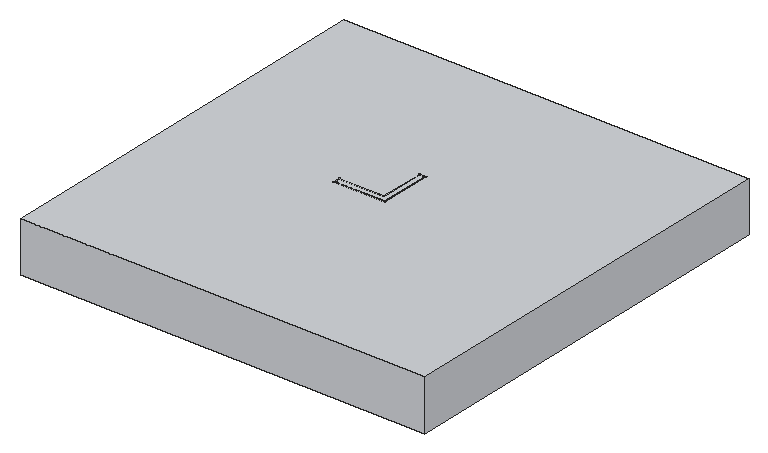
Revit family "LAMP_FIL 35 CORNER OPAL RECESSED HC", category Luminarias, Revit 2018
Family settings
  Anfitrión = Cara
  Cota de conector redondo = Diámetro de uso
  Tipo de pieza = Normal
  Corte con vacíos al cargar = No
  Origen de luz = Sí
  Compartido = No
  Punto de cálculo de habitación = No
Parameters (values of type "577LM 3000K  BLACK")
  Ángulo de inclinación = -90.00°
  Weight = 1.23 kg
  Wattage = 2.93 W
  Type = "MID POWER TRIDONIC"
  built-in parameter 1150107 = 3000 (stored number, unit not read)
  Second light = LAMP_FIL 35 CORNER OPAL SURFACE HC_SECOND : 3000K
  Recessed dimensions = "319x319x42"
  NOT COVER 2 [instance] = not(END COVER 2)  # no
  NOT COVER 1 [instance] = not(END COVER 1)  # no
  END COVER 2 [instance] = yes
  END COVER 1 [instance] = yes
  Suspension distance [instance] = if(Suspension > 4000 mm, 4000 mm, if(Suspension < 1 mm, 1 mm, Suspension))  # 200 mm
  Suspension [instance] = 200 mm
  built-in parameter 1150110 = 1 (stored number, unit not read)
  built-in parameter 1150109 = 1 (stored number, unit not read)
  built-in parameter 1150112 = 1 (stored number, unit not read)
  built-in parameter 1150113 = 1 (stored number, unit not read)
  built-in parameter 1114218 = 1 (stored number, unit not read)
  Protection rating = "IP20 / IK07"
  Product datasheet = "http://www.lamp.es/product-files/TECH/F31REHCLOOP830NB-EN.pdf"
  Product code = "F31REHCLOOP830NB"
  Product URL = "https://www.lamp.es/en/family/fil-35_413911"
  Power Supply = "220-240V 50/60Hz"
  Power = 5 W
  Plum = 6.1 W
  Photobiological risk = ""
  built-in parameter 1150137 = (empty or 0)
  built-in parameter 1150132 = 2
  Modelo = Product code  # "F31REHCLOOP830NB"
  Model Explanation = ""
  Material suspension = LAMP_Acero genérico
  Material perfil = LAMP_Aluminio Perfil Fil NG
  Material difusor = LAMP_PC Difusor Opal Fil
  Manufacturer name = "LAMP"
  Manufacturer country = "Spain"
  Manufacturer URL = "http://www.lamp.es/en"
  MacAdam = "3"
  Last update = "24/05/2021"
  Lamp = "MID-POWER LED"
  LED Lifetime = "60.000 L80 B10"
  built-in parameter 1150105 = 119.95 (stored number, unit not read)
  built-in parameter 1150102 = (empty or 0)
  Insulation class = "I"
  Installation instructions = "https://www.lamp.es/product-files/INS/1004590-A%20INSTR.%20FIL35.pdf"
  built-in parameter 1150106 = 1.1995 (stored number, unit not read)
  IEE = "A+"
  Gear = "Electronic"
  Lumens = 303.548 lm
  Finish = "Matte black RAL 9011"
  Color Filter = 16777215
  built-in parameter 1114217 = 1 (stored number, unit not read)
  built-in parameter 1150139 = (empty or 0)
  Fabricante = Manufacturer name  # "LAMP"
  Default Elevation = 1219.2 mm
  built-in parameter 1150104 = 9.6248 (stored number, unit not read)
  Efficacy = 94.6 lm/W
  Dimensions = "313x313x35"
  Descripción = "FIL35 HORIZ. CORNER REC 800 WW OPAL BK."
  built-in parameter 1150115 = 1 (stored number, unit not read)
  built-in parameter 1150114 = 1 (stored number, unit not read)
  built-in parameter 1150138 = (empty or 0)
  built-in parameter 1150134 = 3
  Dimming Lamp Color Temperature Shift = (empty or 0)
  CRI = "80"
  Archivo de red fotométrica = "F31SF084LOOP830NB.IES"
  built-in parameter 1150133 = 10 (stored number, unit not read)
Types (12, lengths in mm): name | built-in parameter 1150107 | Second light | Product datasheet | Product code | Modelo | Material perfil | Finish | Descripción
  577LM 3000K DALI BLACK | 3000 (stored number, unit not read) | LAMP_FIL 35 CORNER OPAL SURFACE HC_SECOND : 3000K | "http://www.lamp.es/product-files/TECH/F31REHCLOOP830DB-EN.pdf" | "F31REHCLOOP830DB" | "F31REHCLOOP830DB" | LAMP_Aluminio Perfil Fil NG | "Matte black RAL 9011" | "FIL35 HORIZ. CORNER REC 800 WW OPAL DA B"
  577LM 3000K DALI GREY | 3000 (stored number, unit not read) | LAMP_FIL 35 CORNER OPAL SURFACE HC_SECOND : 3000K | "http://www.lamp.es/product-files/TECH/F31REHCLOOP830DG-EN.pdf" | "F31REHCLOOP830DG" | "F31REHCLOOP830DG" | LAMP_Aluminio Perfil Fil GR | "Gloss grey" | "FIL35 HORIZ. CORNER REC 800 WW OPAL DA G"
  577LM 3000K DALI WHITE | 3000 (stored number, unit not read) | LAMP_FIL 35 CORNER OPAL SURFACE HC_SECOND : 3000K | "http://www.lamp.es/product-files/TECH/F31REHCLOOP830DW-EN.pdf" | "F31REHCLOOP830DW" | "F31REHCLOOP830DW" | LAMP_Aluminio Perfil Fil BL | "Matte white RAL 9010" | "FIL35 HORIZ. CORNER REC 800 WW OPAL DA W"
  577LM 3000K  BLACK | 3000 (stored number, unit not read) | LAMP_FIL 35 CORNER OPAL SURFACE HC_SECOND : 3000K | "http://www.lamp.es/product-files/TECH/F31REHCLOOP830NB-EN.pdf" | "F31REHCLOOP830NB" | "F31REHCLOOP830NB" | LAMP_Aluminio Perfil Fil NG | "Matte black RAL 9011" | "FIL35 HORIZ. CORNER REC 800 WW OPAL BK."
  577LM 3000K  GREY | 3000 (stored number, unit not read) | LAMP_FIL 35 CORNER OPAL SURFACE HC_SECOND : 3000K | "http://www.lamp.es/product-files/TECH/F31REHCLOOP830NG-EN.pdf" | "F31REHCLOOP830NG" | "F31REHCLOOP830NG" | LAMP_Aluminio Perfil Fil GR | "Gloss grey" | "FIL35 HORIZ. CORNER REC 800 WW OPAL GR."
  577LM 3000K  WHITE | 3000 (stored number, unit not read) | LAMP_FIL 35 CORNER OPAL SURFACE HC_SECOND : 3000K | "http://www.lamp.es/product-files/TECH/F31REHCLOOP830NW-EN.pdf" | "F31REHCLOOP830NW" | "F31REHCLOOP830NW" | LAMP_Aluminio Perfil Fil BL | "Matte white RAL 9010" | "FIL35 HORIZ. CORNER REC 800 WW OPAL WH."
  577LM 4000K DALI BLACK | 4000 (stored number, unit not read) | LAMP_FIL 35 CORNER OPAL SURFACE HC_SECOND : 4000K | "http://www.lamp.es/product-files/TECH/F31REHCLOOP840DB-EN.pdf" | "F31REHCLOOP840DB" | "F31REHCLOOP840DB" | LAMP_Aluminio Perfil Fil NG | "Matte black RAL 9011" | "FIL35 HORIZ. CORNER REC 800 NW OPAL DA B"
  577LM 4000K DALI GREY | 4000 (stored number, unit not read) | LAMP_FIL 35 CORNER OPAL SURFACE HC_SECOND : 4000K | "http://www.lamp.es/product-files/TECH/F31REHCLOOP840DG-EN.pdf" | "F31REHCLOOP840DG" | "F31REHCLOOP840DG" | LAMP_Aluminio Perfil Fil GR | "Gloss grey" | "FIL35 HORIZ. CORNER REC 800 NW OPAL DA G"
  577LM 4000K DALI WHITE | 4000 (stored number, unit not read) | LAMP_FIL 35 CORNER OPAL SURFACE HC_SECOND : 4000K | "http://www.lamp.es/product-files/TECH/F31REHCLOOP840DW-EN.pdf" | "F31REHCLOOP840DW" | "F31REHCLOOP840DW" | LAMP_Aluminio Perfil Fil BL | "Matte white RAL 9010" | "FIL35 HORIZ. CORNER REC 800 NW OPAL DA W"
  577LM 4000K  BLACK | 4000 (stored number, unit not read) | LAMP_FIL 35 CORNER OPAL SURFACE HC_SECOND : 4000K | "http://www.lamp.es/product-files/TECH/F31REHCLOOP840NB-EN.pdf" | "F31REHCLOOP840NB" | "F31REHCLOOP840NB" | LAMP_Aluminio Perfil Fil NG | "Matte black RAL 9011" | "FIL35 HORIZ. CORNER REC 800 NW OPAL BK."
  577LM 4000K  GREY | 4000 (stored number, unit not read) | LAMP_FIL 35 CORNER OPAL SURFACE HC_SECOND : 4000K | "http://www.lamp.es/product-files/TECH/F31REHCLOOP840NG-EN.pdf" | "F31REHCLOOP840NG" | "F31REHCLOOP840NG" | LAMP_Aluminio Perfil Fil GR | "Gloss grey" | "FIL35 HORIZ. CORNER REC 800 NW OPAL GR."
  577LM 4000K  WHITE | 4000 (stored number, unit not read) | LAMP_FIL 35 CORNER OPAL SURFACE HC_SECOND : 4000K | "http://www.lamp.es/product-files/TECH/F31REHCLOOP840NW-EN.pdf" | "F31REHCLOOP840NW" | "F31REHCLOOP840NW" | LAMP_Aluminio Perfil Fil BL | "Matte white RAL 9010" | "FIL35 HORIZ. CORNER REC 800 NW OPAL WH."
Reference planes
  plane 1 "Centro (Frontal/Posterior)": y = 0
  plane 2: z = 0
  plane 3 "Centro (Izquierda/Derecha)": x = 0
Forms (mm)
  Extrusion 1, solid
    sketch origin (0, 0, 0) x (1, 0, 0) y (0, 1, 0)
      loop
        line (-1219.2, 1219.2) -> (-1219.2, -1219.2) -> (1219.2, -1219.2) -> (1219.2, 1219.2) -> (-1219.2, 1219.2)
    from 0 to -304.8
  Sweep 2, solid, material "LAMP_PC Difusor Opal Fil" <- "Material difusor"
    path origin (-803.25, 0, 0) x (1, 0, 0) y (0, 1, 0)
      loop
        line (517.75, 0) -> (803.25, 0) -> (803.25, 285.5)
    profile origin (-142.75, 0, 0) x (0, 1, 0) y (0, 0, 1)
      loop
        line (-16.5, -2.5) -> (0, -2.5) -> (16.5, -2.5) -> (16.5, 0) -> (0, 0) -> (-16.5, 0) -> (-16.5, -2.5)
  Sweep 3, solid, material "LAMP_Aluminio Perfil Fil NG" <- "Material perfil"
    path origin (0, 0, 0) x (1, 0, 0) y (0, 1, 0)
      loop
        line (-285.5, 0) -> (0, 0) -> (0, 285.5)
    profile origin (-142.75, 0, 0) x (0, 1, 0) y (0, 0, 1)
      loop
        line (-17.5, -1.2) -> (-17.5, -76) -> (0, -76) -> (17.5, -76) -> (17.5, -1.2) -> (22.5, -1.2) -> (22.5, 0) -> (16.5, 0) -> (16.5, -24) -> (0, -24) -> (-16.5, -24) -> (-16.5, 0) -> (-22.5, 0) -> (-22.5, -1.2) -> (-17.5, -1.2)
Text (mm)
  text "Any modification of the parameters and properties of the LAMP BIM models must be executed and validated by the LAMP technical department.\nPhone: +34 93 736 68 00\nE-mail: lamp@lamp.es\n\nLAMP reserves the right to modify the technical specifications of its products." at (3279.264, 5298.162, -2684.539), in view "Preview"
Dimensions and locks
  aligned and locked: plane 2 to Extrusion 1
  aligned and locked: level to Extrusion 1
  aligned and locked: imposter light to Sweep 2
Nested families
  nested 1: "LAMP_FIL 35 CORNER OPAL SURFACE HC_SECOND" at (-134.875, -0.014, -1500), type "3000K"
  nested 2: "LAMP_FIL 35 END COVER RECESSED" at (-286.5, 0, -76) x (0, -1, 0) z (0, 0, 1), visible <- "END COVER 1", type "LAMP_FIL 35 END COVER RECESSED"
  nested 3: "LAMP_FIL 35 END COVER RECESSED" at (0, 286.5, -76) x (-1, 0, 0) z (0, 0, 1), visible <- "END COVER 2", type "LAMP_FIL 35 END COVER RECESSED"
Connectors
  electrical at (-95.167, 95.167, -76)
    settings: on Sweep 3, index 1, voltage 230 V, apparent load 0 VA, apparent load phase1 0 VA, apparent load phase2 0 VA, apparent load phase3 0 VA, power factor 1, load classification "Otro", number of poles 1, system type 31, power factor state 1, is connector primary yes, connector utility no, sub classification motor no, connector description ""
Definition of nested family "LAMP_FIL 35 END COVER RECESSED"
  Parameters (values of type "LAMP_FIL 35 END COVER RECESSED")
    Material tapa = none
  Reference planes
    plane 1 "Centro (Frontal/Posterior)": y = 0
    plane 2: z = 0
    plane 3 "Centro (Izquierda/Derecha)": x = 0
  Forms (mm)
    Extrusion 1, solid, material <- "Material tapa"
      sketch origin (0, 0, 76.8) x (0, -1, 0) y (0, 0, -1)
        loop
          line (1, 76.8) -> (-1, 76.8) -> (-1, 0.8) -> (5, 0.8) -> (5, 2) -> (1, 2) -> (1, 76.8)
      from -22.5 to 22.5
    Extrusion 2, void
      sketch origin (-5.1, 0, 0) x (1, 0, 0) y (0, 0, 1)
        loop
          line (22.6, 74.8) -> (22.6, 0) -> (27.6, 0) -> (27.6, 74.8) -> (22.6, 74.8)
      from -23.5 to 23.5
    Extrusion 3, void
      sketch origin (5.1, 0, 0) x (1, 0, 0) y (0, 0, 1)
        loop
          line (-22.6, 74.8) -> (-27.6, 74.8) -> (-27.6, 0) -> (-22.6, 0) -> (-22.6, 74.8)
      from -23.5 to 23.5
  Cuts and joins
    Extrusion 2, Extrusion 3 cuts Extrusion 1
  Dimensions and locks
    aligned and locked: level to plane 2
Definition of nested family "LAMP_FIL 35 CORNER OPAL SURFACE HC_SECOND"
  Parameters (values of type "3000K")
    Tilt Angle = -90.00°
    Wattage = 2.93 W
    built-in parameter 1150110 = 1 (stored number, unit not read)
    built-in parameter 1114217 = 1 (stored number, unit not read)
    built-in parameter 1150109 = 1 (stored number, unit not read)
    built-in parameter 1150134 = (empty or 0)
    built-in parameter 1150113 = 1 (stored number, unit not read)
    Lumens = 303.665 lm
    built-in parameter 1150115 = 1 (stored number, unit not read)
    built-in parameter 1150105 = 24.165 (stored number, unit not read)
    built-in parameter 1150137 = (empty or 0)
    built-in parameter 1150139 = (empty or 0)
    built-in parameter 1150112 = 1 (stored number, unit not read)
    built-in parameter 1150114 = 1 (stored number, unit not read)
    built-in parameter 1150132 = 2
    built-in parameter 1150102 = (empty or 0)
    built-in parameter 1150138 = (empty or 0)
    built-in parameter 1150107 = 3000 (stored number, unit not read)
    built-in parameter 1150106 = 0.24165 (stored number, unit not read)
    built-in parameter 1150104 = 9.6285 (stored number, unit not read)
    Dimming Lamp Color Temperature Shift = (empty or 0)
    Color Filter = 16777215
    built-in parameter 1114218 = 1 (stored number, unit not read)
    Photometric Web File = "F31SF084LOOP830NB.IES"
    built-in parameter 1150133 = 10 (stored number, unit not read)
  Types (3, lengths in mm): name | built-in parameter 1150105 | built-in parameter 1150106 | Photometric Web File
    (no name) | 24.165 (stored number, unit not read) | 0.24165 (stored number, unit not read) | "F31SF084LOOP830NB.IES"
    3000K | 24.165 (stored number, unit not read) | 0.24165 (stored number, unit not read) | "F31SF084LOOP830NB.IES"
    4000K | 119.99 (stored number, unit not read) | 1.1999 (stored number, unit not read) | "F31SF084LOOP840NB.IES"
  Reference planes
    plane 1 "Eje de origen de luz (F/P)": y = 0
    plane 2: z = 0
    plane 3 "Eje de origen de luz (I/D)": x = 0
    plane 4 "Elevación de origen de luz": z = 1500
  Dimensions and locks
    aligned and locked: plane 3 "Eje de origen de luz (I/D)" to imposter light
    aligned and locked: plane 1 "Eje de origen de luz (F/P)" to imposter light
    aligned and locked: plane 4 "Elevación de origen de luz" to imposter light
    aligned and locked: level to plane 2
